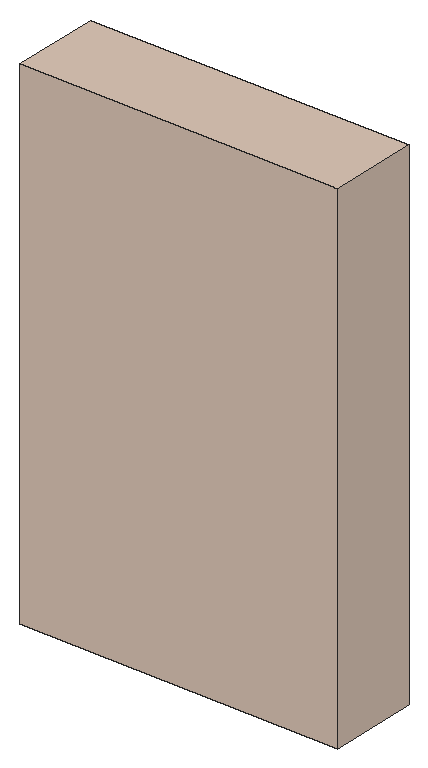
Revit family "Niche_NobleCompany_302", category Generic Models, host Wall, Revit 2018
Family settings
  Host = Wall
  Can host rebar = No
  Round Connector Dimension = Use Diameter
  Part Type = Normal
  Always vertical = Yes
  Cut with Voids When Loaded = No
  Shared = No
  Room Calculation Point = No
Parameters (values of type "302 Arched")
  Width = 1' - 2 1/4"
  URL = "www.noblecompany.com"
  Tile Thickness [instance] = 0' - 0 1/4"
  Thickness = 0' - 1 1/8"
  Specification = ""
  Sales Information = "http://noblecompany.com/contact/"
  Revision = "R1_09-2016"
  Product Properties = "http://noblecompany.com/products/noble-niches"
  Product Data = "http://www.arcat.com/arcatcos/cos34/arc34489.html"
  Niche Material = Acrylic Polymer Finish
  Model = "302"
  Manufacturer Website = "www.noblecompany.com"
  Manufacturer Phone - Toll Free = "800-878-5788"
  Manufacturer Phone = "231-799-8000"
  Manufacturer Fax = "231-799-8850"
  Manufacturer Address = "P. O. Box 350, Grand Haven, MI 49417-0350"
  Manufacturer = "Noble Company"
  Keynote = "10 28 00"
  Installation-Fabrication = "http://noblecompany.com/storage/docs/resources/NN062016-13_Noble_Niche_Installation_Instruction.pdf"
  Instal Height [instance] = 5' - 0"
  Height = 1' - 10 1/2"
  Drawn By = "Sumex Design - Robert S Weygant"
  Description = "302 Arched Niche"
  Depth = 0' - 4"
  Copyright = "� 2016 ARCAT Inc."
  Construction Details = ""
  Assembly Code = "D2010700"
Reference planes (in)
  plane 1: y = 0
  plane 2 "Center (Left/Right)": x = 0
  plane 3 "Wall Edge": y = 3
  plane 4: x = -7.125
  plane 5: y = 2.75
  plane 6: y = -1.25
  plane 7: x = 7.125
  plane 8: z = 60
  plane 9: z = 37.5
  plane 10: x = -6
  plane 11: x = 6
  plane 12: y = -0.75
  plane 13: z = 38.75
  plane 14: z = 58.875
Forms (in)
  Extrusion 1, void
    sketch origin (0, 0, 0) x (1, 0, 0) y (0, 1, 0)
      loop
        line (-7.125, 2.75) -> (-7.125, -1.25) -> (7.125, -1.25) -> (7.125, 2.75) -> (-7.125, 2.75)
    from 37.5 to 60
  Extrusion 2, solid, material "Acrylic Polymer Finish" <- "Niche Material"
    sketch origin (0, 0, 0) x (1, 0, 0) y (0, 1, 0)
      loop
        line (-7.125, 2.75) -> (-7.125, -1.25) -> (7.125, -1.25) -> (7.125, 2.75) -> (-7.125, 2.75)
    from 37.5 to 60
  Extrusion 3, void
    sketch origin (0, 3, 0) x (1, 0, 0) y (0, 0, 1)
      loop
        line (6, 38.75) -> (6, 52.625) -> (0, 58.875) -> (-6, 52.625) -> (-6, 38.75) -> (6, 38.75)
    from 0 to 3.75
Cuts and joins
  Extrusion 3 cuts Extrusion 2
Text (in)
  text "Placement Side" at (0, 40.15149, 123.01588), in view "Right"
  text "Placement Side" at (-105.78919, 39.84311, 0), in view "Ref. Level"
  text "Placement Side" at (0, 81.62555, 140.59947), in view "Left"
Dimensions and locks (in)
  host wall to plane 3 "Wall Edge" = 0' - 0"
  equal spacing: plane 4, plane 2 "Center (Left/Right)", plane 7
  "Width": plane 4 to plane 7
  "Depth": plane 5 to plane 6
  "Height": plane 9 to plane 8
  "Instal Height": level to plane 8
  locked: plane 12 to plane 6 at 0.5
  locked: plane 4 to plane 10 at 1.125
  locked: plane 11 to plane 7 at 1.125
  "Thickness": plane 14 to plane 8
  plane 9 to plane 13 = 0' - 1 1/4"
  plane 9 to Extrusion 3 sketch curve = 1' - 3 1/8"  (x2)
  host wall to plane 5 = 0' - 0 1/4"
  "Tile Thickness": plane 5 to plane 3 "Wall Edge"
  aligned and locked: Extrusion 1 sketch curve to plane 5
  aligned and locked: plane 4 to Extrusion 1 sketch curve
  aligned and locked: plane 6 to Extrusion 1 sketch curve
  aligned and locked: plane 7 to Extrusion 1 sketch curve
  aligned and locked: plane 8 to Extrusion 1
  aligned and locked: Extrusion 1 to plane 9
  aligned and locked: Extrusion 2 sketch curve to plane 5
  aligned and locked: plane 4 to Extrusion 2 sketch curve
  aligned and locked: plane 6 to Extrusion 2 sketch curve
  aligned and locked: plane 7 to Extrusion 2 sketch curve
  aligned and locked: plane 8 to Extrusion 2
  aligned and locked: Extrusion 2 to plane 9
  aligned and locked: plane 11 to Extrusion 3 sketch curve
  aligned and locked: plane 10 to Extrusion 3 sketch curve
  aligned and locked: Extrusion 3 to plane 12
  aligned and locked: Extrusion 3 sketch curve to plane 13
  aligned and locked: Extrusion 3 to plane 3 "Wall Edge"
  aligned and locked: plane 3 "Wall Edge" to host wall
Automatic sketch dimensions
  Extrusion 3 sketch curve to plane 2 "Center (Left/Right)" = 0' - 0"
  Extrusion 3 sketch curve to plane 14 = 0' - 0"
